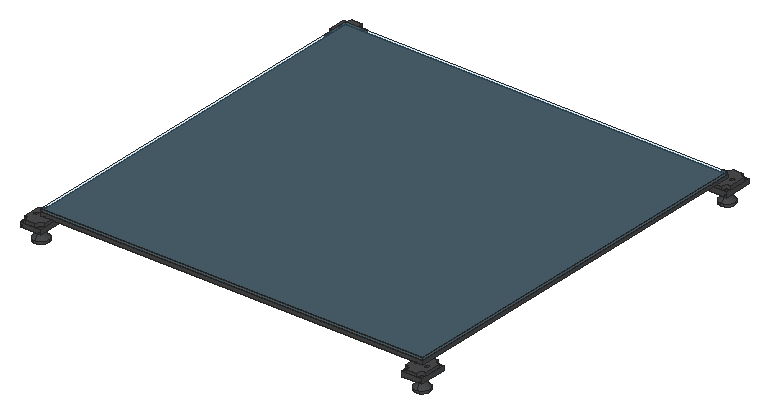
Revit family "Pantalla Modelo NX7", category Luminarias, Revit 2019
Family settings
  Cota de conector redondo = Diámetro de uso
  Tipo de pieza = Normal
  Se basa en plano de trabajo = Sí
  Siempre vertical = No
  Corte con vacíos al cargar = No
  Origen de luz = No
  Compartido = No
  Punto de cálculo de habitación = No
Parameters (values of type "Pantalla Modelo NX7_NX7S180W.1")
  Zone [instance] = ""
  Watt per fixture = 200
  Keynote = ""
  Modulo largo = 500 mm
  Modulo alto = 500 mm
  Modelo = "NX7S180W.1"
  Lamp = ""
  Fabricante = "BRILLANT"
  Espesor = 60 mm
  Default Elevation = 0 mm
  Descripción = "PANTALLA DE PISO MODELO NX7S, CON OPCION DE MODELO INTERACTIVO, PIXEL PITCH 7.8MM, RESOLUCION DEL PANEL 64X64 DOTS, CANTIDAD/PANEL LED 4096 DOTS, CONFIGURACION DEL PIXEL SMD 3 EN 1, BRILLO DE 2300 NITS, ACTUALIZACION EN 1920 Hz, CONSUMO MAXIMO POR PANEL 200W Y PROMEDIO 120W, ESCALA DE GRISES 14BIT, AJUSTE DE BRILLO 256 NIVELES, CAPACIDAD MAXIMA DE CARGA 1200KG/M2, DIMENSION DEL PANEL 500X500X60MM CON UN AREA DE 0.25M2, ANGULO DE VISION 140/110 GRADOS, CONTRASTE 2000:1, IP 54, DURACION DE LUCES (50% BRILLO) >50,000 HORAS, TEMPERATURA DE OPERACIÓN -10C +40C, HUMEDAD DE OPERACIÓN 10%-90% RH, VOLTAJE AC 100-240V/50-60Hz, MODO DE ENTRADA CON CORRIENTE CONSTANTE, TIPO DE SEÑAL: AV/S-VIDEO/VGA/CVBS/HDMI/DVI/SDI."
  Comentarios de vataje = "100-240V"
  Circuit [instance] = ""
Types (2, lengths in mm): name | Watt per fixture | Modelo | Descripción
  Pantalla Modelo NX7_NX7180W.1 | 180 | "NX7180W.1" | "PANTALLA DE PISO MODELO NX7, SIN OPCION DE MODELO INTERACTIVO, PIXEL PITCH 7.8MM, RESOLUCION DEL PANEL 64X64 DOTS, CANTIDAD/PANEL LED 4096 DOTS, CONFIGURACION DEL PIXEL SMD 3 EN 1, BRILLO DE 2300 NITS, ACTUALIZACION EN 1920 Hz, CONSUMO MAXIMO POR PANEL 180W Y PROMEDIO 110W, ESCALA DE GRISES 14BIT, AJUSTE DE BRILLO 256 NIVELES, CAPACIDAD MAXIMA DE CARGA 1200KG/M2, DIMENSION DEL PANEL 500X500X60MM CON UN AREA DE 0.25M2, ANGULO DE VISION 140/110 GRADOS, CONTRASTE 2000:1, IP 54, DURACION DE LUCES (50% BRILLO) >50,000 HORAS, TEMPERATURA DE OPERACIÓN -10C +40C, HUMEDAD DE OPERACIÓN 10%-90% RH, VOLTAJE AC 100-240V/50-60Hz, MODO DE ENTRADA CON CORRIENTE CONSTANTE, TIPO DE SEÑAL: AV/S-VIDEO/VGA/CVBS/HDMI/DVI/SDI."
  Pantalla Modelo NX7_NX7S180W.1 | 200 | "NX7S180W.1" | "PANTALLA DE PISO MODELO NX7S, CON OPCION DE MODELO INTERACTIVO, PIXEL PITCH 7.8MM, RESOLUCION DEL PANEL 64X64 DOTS, CANTIDAD/PANEL LED 4096 DOTS, CONFIGURACION DEL PIXEL SMD 3 EN 1, BRILLO DE 2300 NITS, ACTUALIZACION EN 1920 Hz, CONSUMO MAXIMO POR PANEL 200W Y PROMEDIO 120W, ESCALA DE GRISES 14BIT, AJUSTE DE BRILLO 256 NIVELES, CAPACIDAD MAXIMA DE CARGA 1200KG/M2, DIMENSION DEL PANEL 500X500X60MM CON UN AREA DE 0.25M2, ANGULO DE VISION 140/110 GRADOS, CONTRASTE 2000:1, IP 54, DURACION DE LUCES (50% BRILLO) >50,000 HORAS, TEMPERATURA DE OPERACIÓN -10C +40C, HUMEDAD DE OPERACIÓN 10%-90% RH, VOLTAJE AC 100-240V/50-60Hz, MODO DE ENTRADA CON CORRIENTE CONSTANTE, TIPO DE SEÑAL: AV/S-VIDEO/VGA/CVBS/HDMI/DVI/SDI."
Reference planes
  plane 1 "Centro (Frontal/Posterior)": y = 0
  plane 2: z = 0
  plane 3 "Centro (Izquierda/Derecha)": x = 0
  plane 4: z = -60
  plane 5: y = 250
  plane 6: y = -250
  plane 7: x = -250
  plane 8: x = 250
Forms (mm)
  Revolve 1, solid, material "Cristal", not visible
    sketch origin (-152, 0, 0) x (0, 1, 0) y (0, 0, -1)
      loop
        line (0, -8.749) -> (0, -7.25) -> (-1.499, -7.25)
        arc (-1.499, -7.25) -> (-1.06, -8.31) -> (0, -8.749) r 1.499
      axis (0, -7.25) -> (-1.499, -7.25)
    angle from 0 to 360
  Revolve 2, solid, material "Cristal", not visible
    sketch origin (-136, 0, 0) x (0, 1, 0) y (0, 0, -1)
      loop
        line (0, -8.749) -> (0, -7.25) -> (-1.499, -7.25)
        arc (-1.499, -7.25) -> (-1.06, -8.31) -> (0, -8.749) r 1.499
      axis (0, -7.25) -> (-1.499, -7.25)
    angle from 0 to 360
  Revolve 3, solid, material "Cristal", not visible
    sketch origin (-120, 0, 0) x (0, 1, 0) y (0, 0, -1)
      loop
        line (0, -8.749) -> (0, -7.25) -> (-1.499, -7.25)
        arc (-1.499, -7.25) -> (-1.06, -8.31) -> (0, -8.749) r 1.499
      axis (0, -7.25) -> (-1.499, -7.25)
    angle from 0 to 360
  Revolve 4, solid, material "Cristal", not visible
    sketch origin (-104, 0, 0) x (0, 1, 0) y (0, 0, -1)
      loop
        line (0, -8.749) -> (0, -7.25) -> (-1.499, -7.25)
        arc (-1.499, -7.25) -> (-1.06, -8.31) -> (0, -8.749) r 1.499
      axis (0, -7.25) -> (-1.499, -7.25)
    angle from 0 to 360
  Revolve 5, solid, material "Cristal", not visible
    sketch origin (-88, 0, 0) x (0, 1, 0) y (0, 0, -1)
      loop
        line (0, -8.749) -> (0, -7.25) -> (-1.499, -7.25)
        arc (-1.499, -7.25) -> (-1.06, -8.31) -> (0, -8.749) r 1.499
      axis (0, -7.25) -> (-1.499, -7.25)
    angle from 0 to 360
  Revolve 6, solid, material "Cristal", not visible
    sketch origin (-72, 0, 0) x (0, 1, 0) y (0, 0, -1)
      loop
        line (0, -8.749) -> (0, -7.25) -> (-1.499, -7.25)
        arc (-1.499, -7.25) -> (-1.06, -8.31) -> (0, -8.749) r 1.499
      axis (0, -7.25) -> (-1.499, -7.25)
    angle from 0 to 360
  Revolve 7, solid, material "Cristal", not visible
    sketch origin (-56, 0, 0) x (0, 1, 0) y (0, 0, -1)
      loop
        line (0, -8.749) -> (0, -7.25) -> (-1.499, -7.25)
        arc (-1.499, -7.25) -> (-1.06, -8.31) -> (0, -8.749) r 1.499
      axis (0, -7.25) -> (-1.499, -7.25)
    angle from 0 to 360
  Revolve 8, solid, material "Cristal", not visible
    sketch origin (-40, 0, 0) x (0, 1, 0) y (0, 0, -1)
      loop
        line (0, -8.749) -> (0, -7.25) -> (-1.499, -7.25)
        arc (-1.499, -7.25) -> (-1.06, -8.31) -> (0, -8.749) r 1.499
      axis (0, -7.25) -> (-1.499, -7.25)
    angle from 0 to 360
  Revolve 9, solid, material "Cristal", not visible
    sketch origin (-24, 0, 0) x (0, 1, 0) y (0, 0, -1)
      loop
        line (0, -8.749) -> (0, -7.25) -> (-1.499, -7.25)
        arc (-1.499, -7.25) -> (-1.06, -8.31) -> (0, -8.749) r 1.499
      axis (0, -7.25) -> (-1.499, -7.25)
    angle from 0 to 360
  Revolve 10, solid, material "Cristal", not visible
    sketch origin (-8, 0, 0) x (0, 1, 0) y (0, 0, -1)
      loop
        line (0, -8.749) -> (0, -7.25) -> (-1.499, -7.25)
        arc (-1.499, -7.25) -> (-1.06, -8.31) -> (0, -8.749) r 1.499
      axis (0, -7.25) -> (-1.499, -7.25)
    angle from 0 to 360
  Revolve 11, solid, material "Cristal", not visible
    sketch origin (8, 0, 0) x (0, 1, 0) y (0, 0, -1)
      loop
        line (0, -8.749) -> (0, -7.25) -> (-1.499, -7.25)
        arc (-1.499, -7.25) -> (-1.06, -8.31) -> (0, -8.749) r 1.499
      axis (0, -7.25) -> (-1.499, -7.25)
    angle from 0 to 360
  Revolve 12, solid, material "Cristal", not visible
    sketch origin (24, 0, 0) x (0, 1, 0) y (0, 0, -1)
      loop
        line (0, -8.749) -> (0, -7.25) -> (-1.499, -7.25)
        arc (-1.499, -7.25) -> (-1.06, -8.31) -> (0, -8.749) r 1.499
      axis (0, -7.25) -> (-1.499, -7.25)
    angle from 0 to 360
  Revolve 13, solid, material "Cristal", not visible
    sketch origin (40, 0, 0) x (0, 1, 0) y (0, 0, -1)
      loop
        line (0, -8.749) -> (0, -7.25) -> (-1.499, -7.25)
        arc (-1.499, -7.25) -> (-1.06, -8.31) -> (0, -8.749) r 1.499
      axis (0, -7.25) -> (-1.499, -7.25)
    angle from 0 to 360
  Revolve 14, solid, material "Cristal", not visible
    sketch origin (56, 0, 0) x (0, 1, 0) y (0, 0, -1)
      loop
        line (0, -8.749) -> (0, -7.25) -> (-1.499, -7.25)
        arc (-1.499, -7.25) -> (-1.06, -8.31) -> (0, -8.749) r 1.499
      axis (0, -7.25) -> (-1.499, -7.25)
    angle from 0 to 360
  Revolve 15, solid, material "Cristal", not visible
    sketch origin (72, 0, 0) x (0, 1, 0) y (0, 0, -1)
      loop
        line (0, -8.749) -> (0, -7.25) -> (-1.499, -7.25)
        arc (-1.499, -7.25) -> (-1.06, -8.31) -> (0, -8.749) r 1.499
      axis (0, -7.25) -> (-1.499, -7.25)
    angle from 0 to 360
  Revolve 16, solid, material "Cristal", not visible
    sketch origin (88, 0, 0) x (0, 1, 0) y (0, 0, -1)
      loop
        line (0, -8.749) -> (0, -7.25) -> (-1.499, -7.25)
        arc (-1.499, -7.25) -> (-1.06, -8.31) -> (0, -8.749) r 1.499
      axis (0, -7.25) -> (-1.499, -7.25)
    angle from 0 to 360
  Revolve 17, solid, material "Cristal", not visible
    sketch origin (104, 0, 0) x (0, 1, 0) y (0, 0, -1)
      loop
        line (0, -8.749) -> (0, -7.25) -> (-1.499, -7.25)
        arc (-1.499, -7.25) -> (-1.06, -8.31) -> (0, -8.749) r 1.499
      axis (0, -7.25) -> (-1.499, -7.25)
    angle from 0 to 360
  Revolve 18, solid, material "Cristal", not visible
    sketch origin (120, 0, 0) x (0, 1, 0) y (0, 0, -1)
      loop
        line (0, -8.749) -> (0, -7.25) -> (-1.499, -7.25)
        arc (-1.499, -7.25) -> (-1.06, -8.31) -> (0, -8.749) r 1.499
      axis (0, -7.25) -> (-1.499, -7.25)
    angle from 0 to 360
  Revolve 19, solid, material "Cristal", not visible
    sketch origin (136, 0, 0) x (0, 1, 0) y (0, 0, -1)
      loop
        line (0, -8.749) -> (0, -7.25) -> (-1.499, -7.25)
        arc (-1.499, -7.25) -> (-1.06, -8.31) -> (0, -8.749) r 1.499
      axis (0, -7.25) -> (-1.499, -7.25)
    angle from 0 to 360
  Revolve 20, solid, material "Cristal", not visible
    sketch origin (152, 0, 0) x (0, 1, 0) y (0, 0, -1)
      loop
        line (0, -8.749) -> (0, -7.25) -> (-1.499, -7.25)
        arc (-1.499, -7.25) -> (-1.06, -8.31) -> (0, -8.749) r 1.499
      axis (0, -7.25) -> (-1.499, -7.25)
    angle from 0 to 360
  Extrusion 21, solid, material "Plastico"
    sketch origin (0, 0, 0) x (1, 0, 0) y (0, 1, 0)
      loop
        line (-250, 250) -> (-250, -250) -> (250, -250) -> (250, 250) -> (-250, 250)
    from 0 to 4.232
  Blend 22, solid, material "Default Form"
    base sketch origin (0, 0, 0) x (1, 0, 0) y (0, 1, 0)
      loop
        line (-100, 100) -> (-100, -100) -> (100, -100) -> (100, 100) -> (-100, 100)
    top sketch origin (0, 0, 0) x (1, 0, 0) y (0, 1, 0)
      loop
        line (-135.228, 129.248) -> (-135.228, -129.248) -> (135.228, -129.248) -> (135.228, 129.248) -> (-135.228, 129.248)
    from -60 to 0
  Extrusion 23, solid, material "Plastico"
    sketch origin (0, 0, 0) x (1, 0, 0) y (0, 1, 0)
      loop
        arc (243.672, 267.636) -> (241.623, 262.688) -> (236.675, 260.639) r 6.997
        line (236.675, 260.639) -> (236.675, 239.361)
        arc (236.675, 239.361) -> (241.623, 237.312) -> (243.672, 232.364) r 6.997
        line (243.672, 232.364) -> (256.328, 232.364)
        arc (256.328, 232.364) -> (258.377, 237.312) -> (263.325, 239.361) r 6.997
        line (263.325, 239.361) -> (263.325, 260.639)
        arc (263.325, 260.639) -> (258.377, 262.688) -> (256.328, 267.636) r 6.997
        line (256.328, 267.636) -> (243.672, 267.636)
      loop
        circle (243.512, 250) r 2.3
      loop
        circle (256.488, 250) r 2.3
    from -3.912 to 0
  Extrusion 24, solid, material "Plastico"
    sketch origin (0, 0, 0) x (1, 0, 0) y (0, 1, 0)
      loop
        line (236.675, 267.636) -> (236.675, 232.364) -> (263.325, 232.364) -> (263.325, 267.636) -> (236.675, 267.636)
      loop
        circle (260.775, 235.231) r 1.772
      loop
        circle (239.225, 235.231) r 1.772
      loop
        circle (260.775, 264.769) r 1.772
      loop
        circle (239.225, 264.769) r 1.772
    from -10.376 to -3.912
  Extrusion 25, solid, material "Plastico"
    sketch origin (0, 0, 0) x (1, 0, 0) y (0, 1, 0)
      loop
        circle (250, 250) r 4.188
    from -12.449 to -10.376
  Extrusion 26, solid, material "Plastico"
    sketch origin (0, 0, 0) x (1, 0, 0) y (0, 1, 0)
      loop
        circle (250, 250) r 10
    from -28.034 to -25.701
  Revolve 27, solid, material "Default Form"
    sketch origin (250, 0, 0) x (0, 1, 0) y (0, 0, -1)
      loop
        line (250, 12.449) -> (250, 25.701) -> (240, 25.701)
        arc (240, 25.701) -> (244.684, 19.855) -> (245.812, 12.449) r 14.449
        line (245.812, 12.449) -> (250, 12.449)
      axis (250, 12.449) -> (250, 25.701)
    angle from 0 to 360
  Extrusion 28, solid, material "Cristal"
    sketch origin (0, 0, 8.464) x (0, -1, 0) y (1, 0, 0)
      loop
        line (-250, -250) -> (250, -250) -> (250, 250) -> (-250, 250) -> (-250, -250)
    from -4.232 to -0.717
  Extrusion 29, solid, material "Plastico"
    sketch origin (0, 0, 0) x (-1, 0, 0) y (0, -1, 0)
      loop
        line (236.675, -267.636) -> (263.325, -267.636) -> (263.325, -232.364) -> (236.675, -232.364) -> (236.675, -267.636)
      loop
        circle (260.775, -235.231) r 1.772
      loop
        circle (239.225, -235.231) r 1.772
      loop
        circle (260.775, -264.769) r 1.772
      loop
        circle (239.225, -264.769) r 1.772
    from -10.376 to -3.912
  Extrusion 30, solid, material "Plastico"
    sketch origin (0, 0, 0) x (-1, 0, 0) y (0, -1, 0)
      loop
        circle (250, -250) r 4.188
    from -12.449 to -10.376
  Extrusion 31, solid, material "Plastico"
    sketch origin (0, 0, 0) x (-1, 0, 0) y (0, -1, 0)
      loop
        circle (250, -250) r 10
    from -28.034 to -25.701
  Revolve 32, solid, material "Default Form"
    sketch origin (-250, 0, 0) x (0, 1, 0) y (0, 0, 1)
      loop
        line (250, -12.449) -> (245.812, -12.449)
        arc (245.812, -12.449) -> (244.684, -19.855) -> (240, -25.701) r 14.449
        line (240, -25.701) -> (250, -25.701) -> (250, -12.449)
      axis (250, -12.449) -> (250, -25.701)
    angle from 0 to 360
  Extrusion 33, solid, material "Plastico"
    sketch origin (0, 0, 0) x (-1, 0, 0) y (0, -1, 0)
      loop
        line (243.672, -267.636) -> (256.328, -267.636)
        arc (256.328, -267.636) -> (258.377, -262.688) -> (263.325, -260.639) r 6.997
        line (263.325, -260.639) -> (263.325, -239.361)
        arc (263.325, -239.361) -> (258.377, -237.312) -> (256.328, -232.364) r 6.997
        line (256.328, -232.364) -> (243.672, -232.364)
        arc (243.672, -232.364) -> (241.623, -237.312) -> (236.675, -239.361) r 6.997
        line (236.675, -239.361) -> (236.675, -260.639)
        arc (236.675, -260.639) -> (241.623, -262.688) -> (243.672, -267.636) r 6.997
      loop
        circle (243.512, -250) r 2.3
      loop
        circle (256.488, -250) r 2.3
    from -3.912 to 0
  Extrusion 34, solid, material "Plastico"
    sketch origin (0, 0, 0) x (1, 0, 0) y (0, 1, 0)
      loop
        line (243.672, -267.636) -> (256.328, -267.636)
        arc (256.328, -267.636) -> (258.377, -262.688) -> (263.325, -260.639) r 6.997
        line (263.325, -260.639) -> (263.325, -239.361)
        arc (263.325, -239.361) -> (258.377, -237.312) -> (256.328, -232.364) r 6.997
        line (256.328, -232.364) -> (243.672, -232.364)
        arc (243.672, -232.364) -> (241.623, -237.312) -> (236.675, -239.361) r 6.997
        line (236.675, -239.361) -> (236.675, -260.639)
        arc (236.675, -260.639) -> (241.623, -262.688) -> (243.672, -267.636) r 6.997
      loop
        circle (243.512, -250) r 2.3
      loop
        circle (256.488, -250) r 2.3
    from -3.912 to 0
  Extrusion 35, solid, material "Plastico"
    sketch origin (0, 0, 0) x (1, 0, 0) y (0, 1, 0)
      loop
        line (236.675, -267.636) -> (263.325, -267.636) -> (263.325, -232.364) -> (236.675, -232.364) -> (236.675, -267.636)
      loop
        circle (260.775, -235.231) r 1.772
      loop
        circle (239.225, -235.231) r 1.772
      loop
        circle (260.775, -264.769) r 1.772
      loop
        circle (239.225, -264.769) r 1.772
    from -10.376 to -3.912
  Extrusion 36, solid, material "Plastico"
    sketch origin (0, 0, 0) x (1, 0, 0) y (0, 1, 0)
      loop
        circle (250, -250) r 4.188
    from -12.449 to -10.376
  Extrusion 37, solid, material "Plastico"
    sketch origin (0, 0, 0) x (1, 0, 0) y (0, 1, 0)
      loop
        circle (250, -250) r 10
    from -28.034 to -25.701
  Revolve 38, solid, material "Default Form"
    sketch origin (250, 0, 0) x (0, -1, 0) y (0, 0, 1)
      loop
        line (250, -12.449) -> (245.812, -12.449)
        arc (245.812, -12.449) -> (244.684, -19.855) -> (240, -25.701) r 14.449
        line (240, -25.701) -> (250, -25.701) -> (250, -12.449)
      axis (250, -12.449) -> (250, -25.701)
    angle from 0 to 360
  Extrusion 39, solid, material "Plastico"
    sketch origin (0, 0, 0) x (-1, 0, 0) y (0, -1, 0)
      loop
        line (236.675, 267.636) -> (236.675, 232.364) -> (263.325, 232.364) -> (263.325, 267.636) -> (236.675, 267.636)
      loop
        circle (260.775, 235.231) r 1.772
      loop
        circle (239.225, 235.231) r 1.772
      loop
        circle (260.775, 264.769) r 1.772
      loop
        circle (239.225, 264.769) r 1.772
    from -10.376 to -3.912
  Extrusion 40, solid, material "Plastico"
    sketch origin (0, 0, 0) x (-1, 0, 0) y (0, -1, 0)
      loop
        circle (250, 250) r 4.188
    from -12.449 to -10.376
  Extrusion 41, solid, material "Plastico"
    sketch origin (0, 0, 0) x (-1, 0, 0) y (0, -1, 0)
      loop
        circle (250, 250) r 10
    from -28.034 to -25.701
  Revolve 42, solid, material "Default Form"
    sketch origin (-250, 0, 0) x (0, -1, 0) y (0, 0, -1)
      loop
        line (250, 12.449) -> (250, 25.701) -> (240, 25.701)
        arc (240, 25.701) -> (244.684, 19.855) -> (245.812, 12.449) r 14.449
        line (245.812, 12.449) -> (250, 12.449)
      axis (250, 12.449) -> (250, 25.701)
    angle from 0 to 360
  Extrusion 43, solid, material "Plastico"
    sketch origin (0, 0, 0) x (-1, 0, 0) y (0, -1, 0)
      loop
        arc (243.672, 267.636) -> (241.623, 262.688) -> (236.675, 260.639) r 6.997
        line (236.675, 260.639) -> (236.675, 239.361)
        arc (236.675, 239.361) -> (241.623, 237.312) -> (243.672, 232.364) r 6.997
        line (243.672, 232.364) -> (256.328, 232.364)
        arc (256.328, 232.364) -> (258.377, 237.312) -> (263.325, 239.361) r 6.997
        line (263.325, 239.361) -> (263.325, 260.639)
        arc (263.325, 260.639) -> (258.377, 262.688) -> (256.328, 267.636) r 6.997
        line (256.328, 267.636) -> (243.672, 267.636)
      loop
        circle (243.512, 250) r 2.3
      loop
        circle (256.488, 250) r 2.3
    from -3.912 to 0
Dimensions and locks
  "Espesor": level to plane 4
  "Modulo alto": plane 5 to plane 6
  equal spacing: plane 5, plane 1 "Centro (Frontal/Posterior)", plane 6
  equal spacing: plane 7, plane 3 "Centro (Izquierda/Derecha)", plane 8
  "Modulo largo": plane 7 to plane 8
  equal spacing: Blend 22 sketch curve, plane 3 "Centro (Izquierda/Derecha)", Blend 22 sketch curve  (x2)
  equal spacing: Blend 22 sketch curve, plane 1 "Centro (Frontal/Posterior)", Blend 22 sketch curve  (x2)
  equal spacing: Blend 22 sketch curve, Blend 22 sketch curve, plane 8
  equal spacing: Blend 22 sketch curve, Blend 22 sketch curve, plane 5
  aligned and locked: level to plane 2
  aligned and locked: Extrusion 21 sketch curve to plane 5
  aligned and locked: plane 7 to Extrusion 21 sketch curve
  aligned and locked: plane 6 to Extrusion 21 sketch curve
  aligned and locked: Extrusion 21 sketch curve to plane 8
  aligned and locked: Blend 22 to plane 4
  aligned and locked: level to Blend 22
  aligned and locked: Extrusion 24 to Extrusion 23
  aligned and locked: Extrusion 34 to Extrusion 35
Automatic sketch dimensions
  Revolve 1 sketch curve to Revolve 1 sketch curve = 1.499 mm
  Revolve 1 sketch curve to Revolve 1 sketch curve = 3.099 mm
  Revolve 1 sketch curve to Revolve 1 sketch curve = 0 mm  (x2)
  Revolve 2 sketch curve to Revolve 2 sketch curve = 1.499 mm
  Revolve 2 sketch curve to Revolve 2 sketch curve = 3.099 mm
  Revolve 2 sketch curve to Revolve 2 sketch curve = 0 mm  (x2)
  Revolve 3 sketch curve to Revolve 3 sketch curve = 1.499 mm
  Revolve 3 sketch curve to Revolve 3 sketch curve = 3.099 mm
  Revolve 3 sketch curve to Revolve 3 sketch curve = 0 mm  (x2)
  Revolve 4 sketch curve to Revolve 4 sketch curve = 1.499 mm
  Revolve 4 sketch curve to Revolve 4 sketch curve = 3.099 mm
  Revolve 4 sketch curve to Revolve 4 sketch curve = 0 mm  (x2)
  Revolve 5 sketch curve to Revolve 5 sketch curve = 1.499 mm
  Revolve 5 sketch curve to Revolve 5 sketch curve = 3.099 mm
  Revolve 5 sketch curve to Revolve 5 sketch curve = 0 mm  (x2)
  Revolve 6 sketch curve to Revolve 6 sketch curve = 1.499 mm
  Revolve 6 sketch curve to Revolve 6 sketch curve = 3.099 mm
  Revolve 6 sketch curve to Revolve 6 sketch curve = 0 mm  (x2)
  Revolve 7 sketch curve to Revolve 7 sketch curve = 1.499 mm
  Revolve 7 sketch curve to Revolve 7 sketch curve = 3.099 mm
  Revolve 7 sketch curve to Revolve 7 sketch curve = 0 mm  (x2)
  Revolve 8 sketch curve to Revolve 8 sketch curve = 1.499 mm
  Revolve 8 sketch curve to Revolve 8 sketch curve = 3.099 mm
  Revolve 8 sketch curve to Revolve 8 sketch curve = 0 mm  (x2)
  Revolve 9 sketch curve to Revolve 9 sketch curve = 1.499 mm
  Revolve 9 sketch curve to Revolve 9 sketch curve = 3.099 mm
  Revolve 9 sketch curve to Revolve 9 sketch curve = 0 mm  (x2)
  Revolve 10 sketch curve to Revolve 10 sketch curve = 1.499 mm
  Revolve 10 sketch curve to Revolve 10 sketch curve = 3.099 mm
  Revolve 10 sketch curve to Revolve 10 sketch curve = 0 mm  (x2)
  Revolve 11 sketch curve to Revolve 11 sketch curve = 1.499 mm
  Revolve 11 sketch curve to Revolve 11 sketch curve = 3.099 mm
  Revolve 11 sketch curve to Revolve 11 sketch curve = 0 mm  (x2)
  Revolve 12 sketch curve to Revolve 12 sketch curve = 1.499 mm
  Revolve 12 sketch curve to Revolve 12 sketch curve = 3.099 mm
  Revolve 12 sketch curve to Revolve 12 sketch curve = 0 mm  (x2)
  Revolve 13 sketch curve to Revolve 13 sketch curve = 1.499 mm
  Revolve 13 sketch curve to Revolve 13 sketch curve = 3.099 mm
  Revolve 13 sketch curve to Revolve 13 sketch curve = 0 mm  (x2)
  Revolve 14 sketch curve to Revolve 14 sketch curve = 1.499 mm
  Revolve 14 sketch curve to Revolve 14 sketch curve = 3.099 mm
  Revolve 14 sketch curve to Revolve 14 sketch curve = 0 mm  (x2)
  Revolve 15 sketch curve to Revolve 15 sketch curve = 1.499 mm
  Revolve 15 sketch curve to Revolve 15 sketch curve = 3.099 mm
  Revolve 15 sketch curve to Revolve 15 sketch curve = 0 mm  (x2)
  Revolve 16 sketch curve to Revolve 16 sketch curve = 1.499 mm
  Revolve 16 sketch curve to Revolve 16 sketch curve = 3.099 mm
  Revolve 16 sketch curve to Revolve 16 sketch curve = 0 mm  (x2)
  Revolve 17 sketch curve to Revolve 17 sketch curve = 1.499 mm
  Revolve 17 sketch curve to Revolve 17 sketch curve = 3.099 mm
  Revolve 17 sketch curve to Revolve 17 sketch curve = 0 mm  (x2)
  Revolve 18 sketch curve to Revolve 18 sketch curve = 1.499 mm
  Revolve 18 sketch curve to Revolve 18 sketch curve = 3.099 mm
  Revolve 18 sketch curve to Revolve 18 sketch curve = 0 mm  (x2)
  Revolve 19 sketch curve to Revolve 19 sketch curve = 1.499 mm
  Revolve 19 sketch curve to Revolve 19 sketch curve = 3.099 mm
  Revolve 19 sketch curve to Revolve 19 sketch curve = 0 mm  (x2)
  Revolve 20 sketch curve to Revolve 20 sketch curve = 1.499 mm
  Revolve 20 sketch curve to Revolve 20 sketch curve = 3.099 mm
  Revolve 20 sketch curve to Revolve 20 sketch curve = 0 mm  (x2)
  Blend 22 sketch curve to plane 3 "Centro (Izquierda/Derecha)" = 100 mm
  plane 1 "Centro (Frontal/Posterior)" to Blend 22 sketch curve = 100 mm
  plane 7 to Blend 22 sketch curve = 114.772 mm
  plane 6 to Blend 22 sketch curve = 120.752 mm
  Extrusion 23 sketch curve to plane 5 = 0 mm  (x2)
  Extrusion 23 sketch curve to plane 8 = 13.325 mm
  Extrusion 23 sketch curve to plane 8 = 6.488 mm
  Extrusion 23 sketch curve to plane 8 = 6.328 mm
  plane 8 to Extrusion 23 sketch curve = 6.328 mm
  plane 8 to Extrusion 23 sketch curve = 6.488 mm
  Extrusion 23 sketch curve to Extrusion 23 sketch curve = 6.837 mm
  Extrusion 23 sketch curve to Extrusion 23 sketch curve = 0 mm  (x2)
  Extrusion 23 sketch curve to plane 5 = 10.639 mm
  Extrusion 23 sketch curve to plane 5 = 17.636 mm
  Extrusion 23 sketch curve to Extrusion 23 sketch curve = 6.997 mm
  plane 5 to Extrusion 23 sketch curve = 10.639 mm  (x2)
  Extrusion 24 sketch curve to plane 8 = 13.325 mm
  Extrusion 24 sketch curve to Extrusion 24 sketch curve = 2.55 mm  (x3)
  plane 8 to Extrusion 24 sketch curve = 10.775 mm  (x2)
  Extrusion 24 sketch curve to plane 5 = 17.636 mm
  Extrusion 24 sketch curve to Extrusion 24 sketch curve = 2.867 mm  (x3)
  plane 5 to Extrusion 24 sketch curve = 14.769 mm  (x2)
  Extrusion 25 sketch curve to plane 5 = 0 mm
  Extrusion 25 sketch curve to plane 8 = 0 mm
  Extrusion 26 sketch curve to plane 5 = 0 mm
  Extrusion 26 sketch curve to plane 8 = 0 mm
  Revolve 27 sketch curve to plane 5 = 0 mm  (x2)
  Revolve 27 sketch curve to plane 5 = 4.188 mm
  Revolve 27 sketch curve to plane 5 = 10 mm
  Revolve 27 sketch curve to Revolve 27 sketch curve = 14.36 mm
  Revolve 27 sketch curve to level = 12.449 mm
  Revolve 27 sketch curve to level = 14.051 mm
  Revolve 27 sketch curve to Revolve 27 sketch curve = 0 mm
  Revolve 27 sketch curve to Revolve 27 sketch curve = 12.502 mm
  Extrusion 28 sketch curve to plane 5 = 0 mm
  Extrusion 28 sketch curve to plane 6 = 0 mm
  Extrusion 28 sketch curve to plane 7 = 0 mm
  Extrusion 28 sketch curve to plane 8 = 0 mm
  Extrusion 29 sketch curve to plane 7 = 13.325 mm
  Extrusion 29 sketch curve to Extrusion 29 sketch curve = 2.55 mm  (x3)
  plane 7 to Extrusion 29 sketch curve = 10.775 mm  (x2)
  plane 5 to Extrusion 29 sketch curve = 17.636 mm
  Extrusion 29 sketch curve to Extrusion 29 sketch curve = 2.867 mm  (x3)
  Extrusion 29 sketch curve to plane 5 = 14.769 mm  (x2)
  Extrusion 30 sketch curve to plane 5 = 0 mm
  Extrusion 30 sketch curve to plane 7 = 0 mm
  Extrusion 31 sketch curve to plane 5 = 0 mm
  Extrusion 31 sketch curve to plane 7 = 0 mm
  Revolve 32 sketch curve to plane 5 = 0 mm  (x2)
  Revolve 32 sketch curve to Revolve 32 sketch curve = 4.188 mm
  Revolve 32 sketch curve to Revolve 32 sketch curve = 10 mm
  Revolve 32 sketch curve to Revolve 32 sketch curve = 14.36 mm
  Revolve 32 sketch curve to level = 25.701 mm
  Revolve 32 sketch curve to level = 14.051 mm
  Revolve 32 sketch curve to Revolve 32 sketch curve = 12.502 mm
  Revolve 32 sketch curve to Revolve 32 sketch curve = 0 mm
  Extrusion 33 sketch curve to plane 5 = 0 mm  (x2)
  Extrusion 33 sketch curve to plane 7 = 13.325 mm
  Extrusion 33 sketch curve to plane 7 = 6.488 mm
  Extrusion 33 sketch curve to plane 7 = 6.328 mm
  plane 7 to Extrusion 33 sketch curve = 6.328 mm
  plane 7 to Extrusion 33 sketch curve = 6.488 mm
  Extrusion 33 sketch curve to Extrusion 33 sketch curve = 6.837 mm
  Extrusion 33 sketch curve to Extrusion 33 sketch curve = 0 mm  (x2)
  plane 5 to Extrusion 33 sketch curve = 10.639 mm
  plane 5 to Extrusion 33 sketch curve = 17.636 mm
  Extrusion 33 sketch curve to Extrusion 33 sketch curve = 6.997 mm
  Extrusion 33 sketch curve to plane 5 = 10.639 mm  (x2)
  Extrusion 34 sketch curve to plane 6 = 0 mm  (x2)
  plane 8 to Extrusion 34 sketch curve = 13.325 mm
  plane 8 to Extrusion 34 sketch curve = 6.488 mm
  plane 8 to Extrusion 34 sketch curve = 6.328 mm
  Extrusion 34 sketch curve to plane 8 = 6.328 mm
  Extrusion 34 sketch curve to plane 8 = 6.488 mm
  Extrusion 34 sketch curve to Extrusion 34 sketch curve = 6.837 mm
  Extrusion 34 sketch curve to Extrusion 34 sketch curve = 0 mm  (x2)
  Extrusion 34 sketch curve to plane 6 = 10.639 mm
  Extrusion 34 sketch curve to plane 6 = 17.636 mm
  Extrusion 34 sketch curve to Extrusion 34 sketch curve = 6.997 mm
  plane 6 to Extrusion 34 sketch curve = 10.639 mm  (x2)
  plane 8 to Extrusion 35 sketch curve = 13.325 mm
  Extrusion 35 sketch curve to Extrusion 35 sketch curve = 2.55 mm  (x3)
  Extrusion 35 sketch curve to plane 8 = 10.775 mm  (x2)
  Extrusion 35 sketch curve to plane 6 = 17.636 mm
  Extrusion 35 sketch curve to Extrusion 35 sketch curve = 2.867 mm  (x3)
  plane 6 to Extrusion 35 sketch curve = 14.769 mm  (x2)
  Extrusion 36 sketch curve to plane 6 = 0 mm
  Extrusion 36 sketch curve to plane 8 = 0 mm
  Extrusion 37 sketch curve to plane 6 = 0 mm
  Extrusion 37 sketch curve to plane 8 = 0 mm
  Revolve 38 sketch curve to plane 6 = 0 mm  (x2)
  Revolve 38 sketch curve to Revolve 38 sketch curve = 4.188 mm
  Revolve 38 sketch curve to Revolve 38 sketch curve = 10 mm
  Revolve 38 sketch curve to Revolve 38 sketch curve = 14.36 mm
  Revolve 38 sketch curve to level = 25.701 mm
  Revolve 38 sketch curve to level = 14.051 mm
  Revolve 38 sketch curve to Revolve 38 sketch curve = 12.502 mm
  Revolve 38 sketch curve to Revolve 38 sketch curve = 0 mm
  plane 7 to Extrusion 39 sketch curve = 13.325 mm
  Extrusion 39 sketch curve to Extrusion 39 sketch curve = 2.55 mm  (x3)
  Extrusion 39 sketch curve to plane 7 = 10.775 mm  (x2)
  plane 6 to Extrusion 39 sketch curve = 17.636 mm
  Extrusion 39 sketch curve to Extrusion 39 sketch curve = 2.867 mm  (x3)
  Extrusion 39 sketch curve to plane 6 = 14.769 mm  (x2)
  Extrusion 40 sketch curve to plane 6 = 0 mm
  Extrusion 40 sketch curve to plane 7 = 0 mm
  Extrusion 41 sketch curve to plane 6 = 0 mm
  Extrusion 41 sketch curve to plane 7 = 0 mm
  Revolve 42 sketch curve to plane 6 = 0 mm  (x2)
  plane 6 to Revolve 42 sketch curve = 4.188 mm
  plane 6 to Revolve 42 sketch curve = 10 mm
  Revolve 42 sketch curve to Revolve 42 sketch curve = 14.36 mm
  Revolve 42 sketch curve to level = 12.449 mm
  Revolve 42 sketch curve to level = 14.051 mm
  Revolve 42 sketch curve to Revolve 42 sketch curve = 0 mm
  Revolve 42 sketch curve to Revolve 42 sketch curve = 12.502 mm
  Extrusion 43 sketch curve to plane 6 = 0 mm  (x2)
  plane 7 to Extrusion 43 sketch curve = 13.325 mm
  plane 7 to Extrusion 43 sketch curve = 6.488 mm
  plane 7 to Extrusion 43 sketch curve = 6.328 mm
  Extrusion 43 sketch curve to plane 7 = 6.328 mm
  Extrusion 43 sketch curve to plane 7 = 6.488 mm
  Extrusion 43 sketch curve to Extrusion 43 sketch curve = 6.837 mm
  Extrusion 43 sketch curve to Extrusion 43 sketch curve = 0 mm  (x2)
  plane 6 to Extrusion 43 sketch curve = 10.639 mm
  plane 6 to Extrusion 43 sketch curve = 17.636 mm
  Extrusion 43 sketch curve to Extrusion 43 sketch curve = 6.997 mm
  Extrusion 43 sketch curve to plane 6 = 10.639 mm  (x2)
  radius of Extrusion 23 sketch curve = 2.3 mm  (x2)
  radius of Extrusion 24 sketch curve = 1.772 mm  (x4)
  radius of Extrusion 25 sketch curve = 4.188 mm
  radius of Extrusion 26 sketch curve = 10 mm
  radius of Extrusion 29 sketch curve = 1.772 mm  (x4)
  radius of Extrusion 30 sketch curve = 4.188 mm
  radius of Extrusion 31 sketch curve = 10 mm
  radius of Extrusion 33 sketch curve = 2.3 mm  (x2)
  radius of Extrusion 34 sketch curve = 2.3 mm  (x2)
  radius of Extrusion 35 sketch curve = 1.772 mm  (x4)
  radius of Extrusion 36 sketch curve = 4.188 mm
  radius of Extrusion 37 sketch curve = 10 mm
  radius of Extrusion 39 sketch curve = 1.772 mm  (x4)
  radius of Extrusion 40 sketch curve = 4.188 mm
  radius of Extrusion 41 sketch curve = 10 mm
  radius of Extrusion 43 sketch curve = 2.3 mm  (x2)
